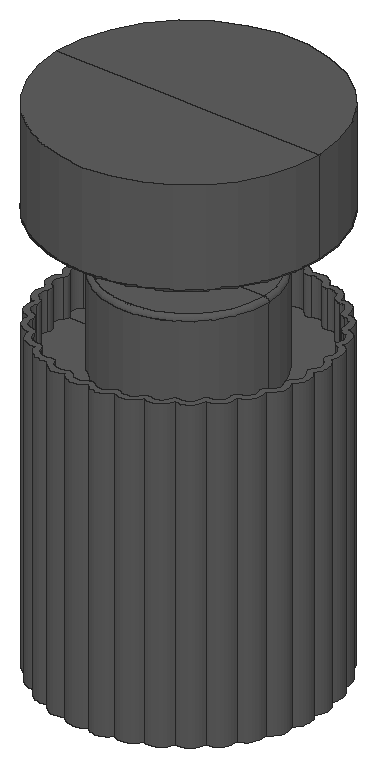
Revit family "CONV_Pholc_GnrlPrpseLmnrs_Donna18", category Lighting Fixtures, host Ceiling, Revit 2017
Family settings
  Host = Ceiling
  Round Connector Dimension = Use Diameter
  Part Type = Normal
  OmniClass Number = 23.80.70.11
  OmniClass Title = Luminaries for Internal Lighting
  Always vertical = Yes
  Cut with Voids When Loaded = No
  Light Source = Yes
  Shared = No
  Room Calculation Point = No
Parameters (values of type "Donna 18 black ink")
  Wattage = 2.80729 W
  WarrantyStartDate [instance] = "n/a"
  WarrantyGuarantorParts = "n/a"
  WarrantyGuarantorLabor = "n/a"
  WarrantyDurationUnit = "Year"
  WarrantyDurationParts = "n/a"
  WarrantyDurationLabor = "n/a"
  WarrantyDescription = "n/a"
  built-in parameter 1150110 = 1 (stored number, unit not read)
  VersionDate = "15/05/2019"  # constant formula
  Version = "1"  # constant formula
  UsageCurrent = 0 A
  Uniclass2015Reference = "Pr_70_70_48_86"
  Uniclass2015Description = "Suspended luminaires"
  Uniclass2 = "Pr_70_70_49_86"
  URL = "https://www.pholc.se/our-products/donna-18/"
  TotalWattage = 8.5 W
  built-in parameter 1114217 = 1 (stored number, unit not read)
  built-in parameter 1150109 = 1 (stored number, unit not read)
  built-in parameter 1150134 = (empty or 0)
  TagNumber [instance] = "n/a"
  SustainabilityPerformance = "n/a"
  built-in parameter 1150113 = 1 (stored number, unit not read)
  Size = "180x180x250 mm"
  Shape = "Sculptured"
  SerialNumber [instance] = "n/a"
  Revision = "n/a"
  ReplacementCost = "n/a"
  ProductInformation = "It functions well as a lamp or object to set the mood of a room, hanging in numbers in a large space or as a single piece over a table."
  ProductDatasheet = "https://www.pholc.se/files/pdf/donna-18.pdf"
  PhaseReference = "n/a"
  PhaseAngle = 0.00°
  NumberOfSources = 0
  NumberOfPoles = 1
  NominalWidth = 180 mm
  NominalVoltageCalc = 0 V
  NominalVoltage = 220 V
  NominalRadius = NominalWidth / 2  # 90 mm
  NominalHeight [instance] = CableControl + 245 mm  # 345 mm
  NominalFrequencyRange = 50 Hz
  NominalDiameter = NominalWidth  # 180 mm
  NominalDepth = 180 mm
  NominalCurrent = 0 A
  Name = "GnrlPrpseLmnrs_Donna18"
  NBSReference = "90-60-50/405"
  NBSDescription = "General purpose luminaires"
  ModelReference = ArticleNumber  # "961115"
  ModelNumber = "n/a"
  Model = "Donna 18 black ink"
  Material = "Aluminium & textile"
  ManufacturersSpecificInformation = "n/a"
  ManufacturerURL = "https://www.pholc.se/"
  ManufacturerName = "Pholc"
  Manufacturer = "Pholc"
  MaintenanceFactor = 0
  Lumens = 417 lm
  built-in parameter 1150115 = 1 (stored number, unit not read)
  built-in parameter 1150105 = 33.184 (stored number, unit not read)
  LightSource = "Philips LED 8,5W (75W) – non dimmable (item no: 8718696705537) // philips led 8,5W (45W) – dimmable (item no: 8718696652275)"
  LightFixturePlacingType = "Ceiling"
  LightFixtureMountingType = "Suspended"
  LightFixtureMainMaterial = Black ink
  Light Source Symbol Size = 609.6 mm
  built-in parameter 1150137 = (empty or 0)
  built-in parameter 1150139 = (empty or 0)
  built-in parameter 1150112 = 1 (stored number, unit not read)
  built-in parameter 1150114 = 1 (stored number, unit not read)
  InsulationStandardClass = "Class II"
  InstallationDate [instance] = "n/a"
  built-in parameter 1150132 = 2
  built-in parameter 1150102 = (empty or 0)
  built-in parameter 1150138 = (empty or 0)
  built-in parameter 1150107 = 2700 (stored number, unit not read)
  built-in parameter 1150106 = 0.33184 (stored number, unit not read)
  IfcExportType = "NOTDEFINED"  # constant formula
  IfcExportAs = "IfcLightFixtureType"  # constant formula
  IP_Code = "IP 20"
  HasProtectiveEarth = no
  Grade = "n/a"
  Finish = "n/a"
  Features = "Suspension mounting. Textile cable. Ceiling cup."
  ExpectedLife = "n/a"
  ElectricalDeviceNominalPower = 0
  built-in parameter 1150104 = 13.8 (stored number, unit not read)
  DurationUnit = "Year"
  Dimming Lamp Color Temperature Shift = <None>
  Designer = "Nina Jobs"
  Description = "The pendant lamp Donna gives a feeling of soft pleated textile although the material is of thin metal. We were inspired of material in fashion, chic ladies and the challenge to transform a hard material into a soft feeling! Versatile when it comes to usage and both beautiful at home and in public spaces."
  DefaultElevation = 0 mm
  ConvergoRefNr = "0103-1905-0006-SE"
  Constituents = "n/a"
  Color Filter = 16777215
  Color = "Black ink"
  Collection = "Donna"
  CodePerformance = "n/a"
  Category = "Pendant"
  CableLength [instance] = 100 mm
  CableControl [instance] = if(CableLength < 100 mm, 100 mm, if(CableLength > 3000 mm, 3000 mm, CableLength))  # 100 mm
  Brand = "Pholc"
  Barcode [instance] = "n/a"
  built-in parameter 1114218 = 1 (stored number, unit not read)
  BIMObjectName = "CONV_Pholc_GnrlPrpseLmnrs_Donna18"
  Author = "Convergo AB"  # constant formula
  built-in parameter 1150133 = 10 (stored number, unit not read)
  AssetType = "Fixed"
  AssetIdentifier [instance] = "n/a"
  ArticleNumber = "961115"
  AccessibilityPerformance = "n/a"
Types (4, lengths in mm): name | ModelReference | Model | LightFixtureMainMaterial | Color | ArticleNumber
  Donna 18 autumn leaves | "961118" | "Donna 18 autumn leaves" | Autumn leaves | "Autumn leaves" | "961118"
  Donna 18 black ink | "961115" | "Donna 18 black ink" | Black ink | "Black ink" | "961115"
  Donna 18 linen | "961113" | "Donna 18 linen" | Linen | "Linen" | "961113"
  Donna 18 blush | "961114" | "Donna 18 blush" | Blush | "Blush" | "961114"
Reference planes
  plane 1 "Light Source Axis (F/B)": y = 0
  plane 2: z = 0
  plane 3 "Light Source Axis (L/R)": x = 0
  plane 4 "Ceiling": z = 4000
  plane 5 "Light Source Elevation": z = 3767
  plane 6: z = 3900
  plane 7: z = 3655
  plane 8: x = -90
  plane 9: x = 90
  plane 10: y = -90
  plane 11: y = 90
  plane 12: z = 3935
Forms (mm)
  Revolve 1, solid, material "Black ink" <- "LightFixtureMainMaterial", detail levels medium+fine
    sketch origin (0, 0, 0) x (1, 0, 0) y (0, 0, 1)
      loop
        line (0, 4000) -> (0, 3935) -> (89, 3935)
        arc (89, 3935) -> (89.707, 3935.293) -> (90, 3936) r 1
        line (90, 3936) -> (90, 4000) -> (0, 4000)
      axis (0, 4000) -> (0, 3935)
    angle from 0 to 360
  Revolve 2, solid, material "Black ink" <- "LightFixtureMainMaterial", detail levels medium+fine
    sketch origin (0, 0, 0) x (1, 0, 0) y (0, 0, 1)
      loop
        line (0, 3900) -> (3, 3900) -> (3, 4000) -> (0, 4000) -> (0, 3900)
      axis (0, 4000) -> (0, 3900)
    angle from 0 to 360
  Extrusion 3, solid, material "Black ink" <- "LightFixtureMainMaterial", detail levels coarse
    sketch origin (0, 0, 4000) x (0, 1, 0) y (-1, 0, 0)
      loop
        line (90, 90) -> (-90, 90) -> (-90, -90) -> (90, -90) -> (90, 90)
    from 0 to -345
Cuts and joins
  joined: Revolve 1, Revolve 2
Lines and regions (mm)
  symbolic lines, detail levels medium+fine
    curve 1: line (3, 0, 3900) -> (3, 0, 3935)
    curve 2: line (-3, 0, 3900) -> (-3, 0, 3935)
    curve 3: line (90, 0, 4000) -> (-90, 0, 4000)
    curve 4: line (0, 90, 4000) -> (0, -90, 4000)
    curve 5: line (0, 3, 3935) -> (0, 3, 3900)
    curve 6: line (0, -3, 3935) -> (0, -3, 3900)
    curve 7: line (90, 0, 3936) -> (90, 0, 4000)
    curve 8: line (89, 0, 3935) -> (3, 0, 3935)
    curve 9: arc (90, 0, 3936) -> (89.707, 0, 3935.293) -> (89, 0, 3935) r 1
    curve 10: line (-90, 0, 3936) -> (-90, 0, 4000)
    curve 11: line (-89, 0, 3935) -> (-3, 0, 3935)
    curve 12: arc (-90, 0, 3936) -> (-89.707, 0, 3935.293) -> (-89, 0, 3935) r 1
    curve 14: line (0, 90, 4000) -> (0, 90, 3935)
    curve 15: line (0, -90, 4000) -> (0, -90, 3935)
    curve 16: line (0, 90, 3935) -> (0, 3, 3935)
    curve 17: line (0, -3, 3935) -> (0, -90, 3935)
  symbolic lines, detail levels fine
    curve 13: line (3, 0, 3935) -> (-3, 0, 3935)
    curve 18: line (0, 3, 3935) -> (0, -3, 3935)
Dimensions and locks
  equal spacing: host sketch curve, plane 3 "Light Source Axis (L/R)", host sketch curve
  equal spacing: host sketch curve, plane 1 "Light Source Axis (F/B)", host sketch curve
  host sketch curve to host sketch curve = 4000 mm  (x2)
  locked: plane 4 "Ceiling" to host ceiling at 0
  "NominalHeight": plane 7 to plane 4 "Ceiling"
  equal spacing: plane 8, plane 3 "Light Source Axis (L/R)", plane 9
  "NominalWidth": plane 8 to plane 9
  equal spacing: plane 10, plane 1 "Light Source Axis (F/B)", plane 11
  "NominalDepth": plane 10 to plane 11
  locked: plane 7 to plane 5 "Light Source Elevation" at 112
  "CableControl": plane 6 to plane 4 "Ceiling"
  locked: plane 12 to plane 4 "Ceiling" at 65
  aligned and locked: plane 3 "Light Source Axis (L/R)" to imposter light
  aligned and locked: plane 1 "Light Source Axis (F/B)" to imposter light
  aligned and locked: plane 5 "Light Source Elevation" to imposter light
  aligned and locked: plane 6 to curve 1
  aligned and locked: plane 6 to curve 2
  aligned and locked: plane 6 to curve 6
  aligned and locked: plane 6 to curve 5
  aligned and locked: Revolve 1 to plane 4 "Ceiling"
  aligned and locked: plane 6 to Revolve 2 sketch curve
  aligned and locked: Revolve 1 to Revolve 2 sketch curve
  aligned and locked: plane 7 to Extrusion 3
  aligned and locked: plane 12 to curve 8
  aligned and locked: curve 11 to plane 12
  aligned and locked: plane 12 to curve 13
  aligned and locked: plane 12 to curve 16
  aligned and locked: plane 12 to curve 17
  aligned and locked: plane 12 to Revolve 1 sketch curve
  aligned and locked: Revolve 1 sketch curve to plane 4 "Ceiling"
  aligned and locked: nested 1 to plane 7
Automatic sketch dimensions
  Extrusion 3 sketch curve to plane 8 = 0 mm
  Extrusion 3 sketch curve to plane 10 = 0 mm
  plane 11 to Extrusion 3 sketch curve = 0 mm
  Extrusion 3 sketch curve to plane 9 = 0 mm
  Revolve 1 sketch curve to plane 3 "Light Source Axis (L/R)" = 0 mm  (x2)
  Revolve 1 sketch curve to plane 9 = 0 mm
  Revolve 1 sketch curve to Revolve 1 sketch curve = 1 mm
  Revolve 1 sketch curve to Revolve 1 sketch curve = 5.181 mm
  Revolve 1 sketch curve to Revolve 1 sketch curve = 10 mm
  curve 12 to plane 8 = 0 mm
  plane 9 to curve 7 = 0 mm
  curve 3 to plane 4 "Ceiling" = 0 mm
  curve 12 to curve 12 = 1 mm
  curve 2 to plane 3 "Light Source Axis (L/R)" = 3 mm
  plane 3 "Light Source Axis (L/R)" to curve 8 = 3 mm
  curve 9 to curve 7 = 1 mm
  Revolve 2 sketch curve to plane 3 "Light Source Axis (L/R)" = 0 mm  (x2)
  Revolve 2 sketch curve to plane 6 = 0 mm
  plane 3 "Light Source Axis (L/R)" to Revolve 2 sketch curve = 3 mm
  Revolve 2 sketch curve to Revolve 2 sketch curve = 10 mm
  plane 4 "Ceiling" to curve 4 = 0 mm
  curve 4 to plane 10 = 0 mm
  curve 16 to plane 11 = 0 mm
  plane 1 "Light Source Axis (F/B)" to curve 6 = 3 mm
  curve 5 to plane 1 "Light Source Axis (F/B)" = 3 mm
  curve 18 to curve 17 = 0 mm
Nested families
  nested 1: "Donna 18" at (0, 0, 3655), Metal <- "LightFixtureMainMaterial", type "Donna 18"
    with Metal Black ink
Connectors
  electrical at (0, 0, 4000), driven by "NominalVoltage"
    settings: on cut or joined group of Revolve 1, Revolve 2, index 1, voltage 220 V, apparent load 0 VA, apparent load phase1 0 VA, apparent load phase2 0 VA, apparent load phase3 0 VA, power factor 1, load classification "Other", number of poles 1, system type 31, power factor state 1, is connector primary yes, connector utility no, sub classification motor no, connector description ""
Definition of nested family "Donna 18"
  Parameters (values of type "Donna 18")
    Metal [instance] = none
  Reference planes
    plane 1 "Center (Front/Back)": y = 0
    plane 2: z = 0
    plane 3 "Center (Left/Right)": x = 0
    plane 4: z = 245
    plane 5: z = 142
  Forms (mm)
    Extrusion 1, solid, material <- "Metal", detail levels medium+fine
      sketch origin (0, 0, 0) x (1, 0, 0) y (0, 1, 0)
        loop
          arc (0, 86) -> (-8.774, 89.088) -> (-16.778, 84.348) r 11
          arc (-16.778, 84.348) -> (-25.986, 85.664) -> (-32.911, 79.454) r 11
          arc (-32.911, 79.454) -> (-42.199, 78.949) -> (-47.779, 71.506) r 11
          arc (-47.779, 71.506) -> (-56.79, 69.199) -> (-60.811, 60.811) r 11
          arc (-60.811, 60.811) -> (-69.199, 56.79) -> (-71.506, 47.779) r 11
          arc (-71.506, 47.779) -> (-78.949, 42.199) -> (-79.454, 32.911) r 11
          arc (-79.454, 32.911) -> (-85.664, 25.986) -> (-84.348, 16.778) r 11
          arc (-84.348, 16.778) -> (-89.088, 8.774) -> (-86, 0) r 11
          arc (-86, 0) -> (-89.088, -8.774) -> (-84.348, -16.778) r 11
          arc (-84.348, -16.778) -> (-85.664, -25.986) -> (-79.454, -32.911) r 11
          arc (-79.454, -32.911) -> (-78.949, -42.199) -> (-71.506, -47.779) r 11
          arc (-71.506, -47.779) -> (-69.199, -56.79) -> (-60.811, -60.811) r 11
          arc (-60.811, -60.811) -> (-56.79, -69.199) -> (-47.779, -71.506) r 11
          arc (-47.779, -71.506) -> (-42.199, -78.949) -> (-32.911, -79.454) r 11
          arc (-32.911, -79.454) -> (-25.986, -85.664) -> (-16.778, -84.348) r 11
          arc (-16.778, -84.348) -> (-8.774, -89.088) -> (0, -86) r 11
          arc (0, -86) -> (8.774, -89.088) -> (16.778, -84.348) r 11
          arc (16.778, -84.348) -> (25.986, -85.664) -> (32.911, -79.454) r 11
          arc (32.911, -79.454) -> (42.199, -78.949) -> (47.779, -71.506) r 11
          arc (47.779, -71.506) -> (56.79, -69.199) -> (60.811, -60.811) r 11
          arc (60.811, -60.811) -> (69.199, -56.79) -> (71.506, -47.779) r 11
          arc (71.506, -47.779) -> (78.949, -42.199) -> (79.454, -32.911) r 11
          arc (79.454, -32.911) -> (85.664, -25.986) -> (84.348, -16.778) r 11
          arc (84.348, -16.778) -> (89.088, -8.774) -> (86, 0) r 11
          arc (86, 0) -> (89.088, 8.774) -> (84.348, 16.778) r 11
          arc (84.348, 16.778) -> (85.664, 25.986) -> (79.454, 32.911) r 11
          arc (79.454, 32.911) -> (78.949, 42.199) -> (71.506, 47.779) r 11
          arc (71.506, 47.779) -> (69.199, 56.79) -> (60.811, 60.811) r 11
          arc (60.811, 60.811) -> (56.79, 69.199) -> (47.779, 71.506) r 11
          arc (47.779, 71.506) -> (42.199, 78.949) -> (32.911, 79.454) r 11
          arc (32.911, 79.454) -> (25.986, 85.664) -> (16.778, 84.348) r 11
          arc (16.778, 84.348) -> (8.774, 89.088) -> (0, 86) r 11
        loop
          arc (2.799, 83.142) -> (0, 82) -> (-2.799, 83.142) r 4
          arc (-2.799, 83.142) -> (-8.382, 85.107) -> (-13.475, 82.091) r 7
          arc (-13.475, 82.091) -> (-15.997, 80.424) -> (-18.965, 80.999) r 4
          arc (-18.965, 80.999) -> (-24.825, 81.836) -> (-29.232, 77.884) r 7
          arc (-29.232, 77.884) -> (-31.38, 75.758) -> (-34.403, 75.742) r 4
          arc (-34.403, 75.742) -> (-40.313, 75.421) -> (-43.864, 70.685) r 7
          arc (-43.864, 70.685) -> (-45.557, 68.181) -> (-48.518, 67.575) r 4
          arc (-48.518, 67.575) -> (-54.253, 66.107) -> (-56.811, 60.769) r 7
          arc (-56.811, 60.769) -> (-57.983, 57.983) -> (-60.769, 56.811) r 4
          arc (-60.769, 56.811) -> (-66.107, 54.253) -> (-67.575, 48.518) r 7
          arc (-67.575, 48.518) -> (-68.181, 45.557) -> (-70.685, 43.864) r 4
          arc (-70.685, 43.864) -> (-75.421, 40.313) -> (-75.742, 34.403) r 7
          arc (-75.742, 34.403) -> (-75.758, 31.38) -> (-77.884, 29.232) r 4
          arc (-77.884, 29.232) -> (-81.836, 24.825) -> (-80.999, 18.965) r 7
          arc (-80.999, 18.965) -> (-80.424, 15.997) -> (-82.091, 13.475) r 4
          arc (-82.091, 13.475) -> (-85.107, 8.382) -> (-83.142, 2.799) r 7
          arc (-83.142, 2.799) -> (-82, 0) -> (-83.142, -2.799) r 4
          arc (-83.142, -2.799) -> (-85.107, -8.382) -> (-82.091, -13.475) r 7
          arc (-82.091, -13.475) -> (-80.424, -15.997) -> (-80.999, -18.965) r 4
          arc (-80.999, -18.965) -> (-81.836, -24.825) -> (-77.884, -29.232) r 7
          arc (-77.884, -29.232) -> (-75.758, -31.38) -> (-75.742, -34.403) r 4
          arc (-75.742, -34.403) -> (-75.421, -40.313) -> (-70.685, -43.864) r 7
          arc (-70.685, -43.864) -> (-68.181, -45.557) -> (-67.575, -48.518) r 4
          arc (-67.575, -48.518) -> (-66.107, -54.253) -> (-60.769, -56.811) r 7
          arc (-60.769, -56.811) -> (-57.983, -57.983) -> (-56.811, -60.769) r 4
          arc (-56.811, -60.769) -> (-54.253, -66.107) -> (-48.518, -67.575) r 7
          arc (-48.518, -67.575) -> (-45.557, -68.181) -> (-43.864, -70.685) r 4
          arc (-43.864, -70.685) -> (-40.313, -75.421) -> (-34.403, -75.742) r 7
          arc (-34.403, -75.742) -> (-31.38, -75.758) -> (-29.232, -77.884) r 4
          arc (-29.232, -77.884) -> (-24.825, -81.836) -> (-18.965, -80.999) r 7
          arc (-18.965, -80.999) -> (-15.997, -80.424) -> (-13.475, -82.091) r 4
          arc (-13.475, -82.091) -> (-8.382, -85.107) -> (-2.799, -83.142) r 7
          arc (-2.799, -83.142) -> (0, -82) -> (2.799, -83.142) r 4
          arc (2.799, -83.142) -> (8.382, -85.107) -> (13.475, -82.091) r 7
          arc (13.475, -82.091) -> (15.997, -80.424) -> (18.965, -80.999) r 4
          arc (18.965, -80.999) -> (24.825, -81.836) -> (29.232, -77.884) r 7
          arc (29.232, -77.884) -> (31.38, -75.758) -> (34.403, -75.742) r 4
          arc (34.403, -75.742) -> (40.313, -75.421) -> (43.864, -70.685) r 7
          arc (43.864, -70.685) -> (45.557, -68.181) -> (48.518, -67.575) r 4
          arc (48.518, -67.575) -> (54.253, -66.107) -> (56.811, -60.769) r 7
          arc (56.811, -60.769) -> (57.983, -57.983) -> (60.769, -56.811) r 4
          arc (60.769, -56.811) -> (66.107, -54.253) -> (67.575, -48.518) r 7
          arc (67.575, -48.518) -> (68.181, -45.557) -> (70.685, -43.864) r 4
          arc (70.685, -43.864) -> (75.421, -40.313) -> (75.742, -34.403) r 7
          arc (75.742, -34.403) -> (75.758, -31.38) -> (77.884, -29.232) r 4
          arc (77.884, -29.232) -> (81.836, -24.825) -> (80.999, -18.965) r 7
          arc (80.999, -18.965) -> (80.424, -15.997) -> (82.091, -13.475) r 4
          arc (82.091, -13.475) -> (85.107, -8.382) -> (83.142, -2.799) r 7
          arc (83.142, -2.799) -> (82, 0) -> (83.142, 2.799) r 4
          arc (83.142, 2.799) -> (85.107, 8.382) -> (82.091, 13.475) r 7
          arc (82.091, 13.475) -> (80.424, 15.997) -> (80.999, 18.965) r 4
          arc (80.999, 18.965) -> (81.836, 24.825) -> (77.884, 29.232) r 7
          arc (77.884, 29.232) -> (75.758, 31.38) -> (75.742, 34.403) r 4
          arc (75.742, 34.403) -> (75.421, 40.313) -> (70.685, 43.864) r 7
          arc (70.685, 43.864) -> (68.181, 45.557) -> (67.575, 48.518) r 4
          arc (67.575, 48.518) -> (66.107, 54.253) -> (60.769, 56.811) r 7
          arc (60.769, 56.811) -> (57.983, 57.983) -> (56.811, 60.769) r 4
          arc (56.811, 60.769) -> (54.253, 66.107) -> (48.518, 67.575) r 7
          arc (48.518, 67.575) -> (45.557, 68.181) -> (43.864, 70.685) r 4
          arc (43.864, 70.685) -> (40.313, 75.421) -> (34.403, 75.742) r 7
          arc (34.403, 75.742) -> (31.38, 75.758) -> (29.232, 77.884) r 4
          arc (29.232, 77.884) -> (24.825, 81.836) -> (18.965, 80.999) r 7
          arc (18.965, 80.999) -> (15.997, 80.424) -> (13.475, 82.091) r 4
          arc (13.475, 82.091) -> (8.382, 85.107) -> (2.799, 83.142) r 7
      from 0 to 210
    Revolve 2, solid, material <- "Metal", detail levels medium+fine
      sketch origin (0, 0, 0) x (1, 0, 0) y (0, 0, 1)
        loop
          line (0, 245) -> (-52, 245)
          arc (-52, 245) -> (-54.121, 244.121) -> (-55, 242) r 3
          line (-55, 242) -> (-55, 185) -> (-85.8, 185) -> (-85.8, 184) -> (-3, 184) -> (-3, 100) -> (0, 100) -> (0, 245)
        axis (0, 100) -> (0, 245)
      angle from 0 to 360
  Lines and regions (mm)
    symbolic lines, detail levels medium+fine
      curve 1: line (0, 0, 0) -> (-90, 0, 0)
      curve 2: line (-90, 0, 0) -> (-90, 0, 210)
      curve 3: line (-90, 0, 210) -> (-55, 0, 210)
      curve 4: line (-55, 0, 210) -> (-55, 0, 242)
      curve 5: line (-3, 0, 245) -> (-52, 0, 245)
      curve 6: arc (-55, 0, 242) -> (-54.121, 0, 244.121) -> (-52, 0, 245) r 3
      curve 7: line (0, 0, 0) -> (90, 0, 0)
      curve 8: line (90, 0, 0) -> (90, 0, 210)
      curve 9: line (90, 0, 210) -> (55, 0, 210)
      curve 10: line (55, 0, 210) -> (55, 0, 242)
      curve 11: line (3, 0, 245) -> (52, 0, 245)
      curve 12: arc (55, 0, 242) -> (54.121, 0, 244.121) -> (52, 0, 245) r 3
      curve 14: line (0, 0, 0) -> (0, 90, 0)
      curve 15: line (0, 90, 0) -> (0, 90, 210)
      curve 16: line (0, 90, 210) -> (0, 55, 210)
      curve 17: line (0, 55, 210) -> (0, 55, 242)
      curve 18: line (0, 52, 245) -> (0, 3, 245)
      curve 19: arc (0, 55, 242) -> (0, 54.121, 244.121) -> (0, 52, 245) r 3
      curve 20: line (0, 0, 0) -> (0, -90, 0)
      curve 21: line (0, -90, 0) -> (0, -90, 210)
      curve 22: line (0, -90, 210) -> (0, -55, 210)
      curve 23: line (0, -55, 210) -> (0, -55, 242)
      curve 24: line (0, -52, 245) -> (0, -3, 245)
      curve 25: arc (0, -55, 242) -> (0, -54.121, 244.121) -> (0, -52, 245) r 3
      curve 125: circle (0, 0, 0) r 90 normal (0, 0, 1)
    symbolic lines, detail levels fine
      curve 13: line (-3, 0, 245) -> (3, 0, 245)
      curve 26: line (0, 3, 245) -> (0, -3, 245)
      curve 27: line (0, 55, 210) -> (0, -55, 210)
      curve 28: line (-55, 0, 210) -> (55, 0, 210)
      curve 29: arc (-60.811, 60.811, 0) -> (-69.199, 56.79, 0) -> (-71.506, 47.779, 0) r 11
      curve 30: arc (-71.506, 47.779, 0) -> (-78.949, 42.199, 0) -> (-79.454, 32.911, 0) r 11
      curve 31: arc (-79.454, 32.911, 0) -> (-85.664, 25.986, 0) -> (-84.348, 16.778, 0) r 11
      curve 32: arc (-84.348, 16.778, 0) -> (-89.088, 8.774, 0) -> (-86, 0, 0) r 11
      curve 33: arc (-86, 0, 0) -> (-89.088, -8.774, 0) -> (-84.348, -16.778, 0) r 11
      curve 34: arc (-84.348, -16.778, 0) -> (-85.664, -25.986, 0) -> (-79.454, -32.911, 0) r 11
      curve 35: arc (-79.454, -32.911, 0) -> (-78.949, -42.199, 0) -> (-71.506, -47.779, 0) r 11
      curve 36: arc (-71.506, -47.779, 0) -> (-69.199, -56.79, 0) -> (-60.811, -60.811, 0) r 11
      curve 37: arc (-60.811, -60.811, 0) -> (-56.79, -69.199, 0) -> (-47.779, -71.506, 0) r 11
      curve 38: arc (-47.779, -71.506, 0) -> (-42.199, -78.949, 0) -> (-32.911, -79.454, 0) r 11
      curve 39: arc (-32.911, -79.454, 0) -> (-25.986, -85.664, 0) -> (-16.778, -84.348, 0) r 11
      curve 40: arc (-16.778, -84.348, 0) -> (-8.774, -89.088, 0) -> (0, -86, 0) r 11
      curve 41: arc (0, -86, 0) -> (8.774, -89.088, 0) -> (16.778, -84.348, 0) r 11
      curve 42: arc (16.778, -84.348, 0) -> (25.986, -85.664, 0) -> (32.911, -79.454, 0) r 11
      curve 43: arc (32.911, -79.454, 0) -> (42.199, -78.949, 0) -> (47.779, -71.506, 0) r 11
      curve 44: arc (47.779, -71.506, 0) -> (56.79, -69.199, 0) -> (60.811, -60.811, 0) r 11
      curve 45: arc (60.811, -60.811, 0) -> (69.199, -56.79, 0) -> (71.506, -47.779, 0) r 11
      curve 46: arc (71.506, -47.779, 0) -> (78.949, -42.199, 0) -> (79.454, -32.911, 0) r 11
      curve 47: arc (79.454, -32.911, 0) -> (85.664, -25.986, 0) -> (84.348, -16.778, 0) r 11
      curve 48: arc (84.348, -16.778, 0) -> (89.088, -8.774, 0) -> (86, 0, 0) r 11
      curve 49: arc (86, 0, 0) -> (89.088, 8.774, 0) -> (84.348, 16.778, 0) r 11
      curve 50: arc (84.348, 16.778, 0) -> (85.664, 25.986, 0) -> (79.454, 32.911, 0) r 11
      curve 51: arc (79.454, 32.911, 0) -> (78.949, 42.199, 0) -> (71.506, 47.779, 0) r 11
      curve 52: arc (71.506, 47.779, 0) -> (69.199, 56.79, 0) -> (60.811, 60.811, 0) r 11
      curve 53: arc (60.811, 60.811, 0) -> (56.79, 69.199, 0) -> (47.779, 71.506, 0) r 11
      curve 54: arc (47.779, 71.506, 0) -> (42.199, 78.949, 0) -> (32.911, 79.454, 0) r 11
      curve 55: arc (32.911, 79.454, 0) -> (25.986, 85.664, 0) -> (16.778, 84.348, 0) r 11
      curve 56: arc (16.778, 84.348, 0) -> (8.774, 89.088, 0) -> (0, 86, 0) r 11
      curve 57: arc (0, 86, 0) -> (-8.774, 89.088, 0) -> (-16.778, 84.348, 0) r 11
      curve 58: arc (-16.778, 84.348, 0) -> (-25.986, 85.664, 0) -> (-32.911, 79.454, 0) r 11
      curve 59: arc (-32.911, 79.454, 0) -> (-42.199, 78.949, 0) -> (-47.779, 71.506, 0) r 11
      curve 60: arc (-47.779, 71.506, 0) -> (-56.79, 69.199, 0) -> (-60.811, 60.811, 0) r 11
      curve 61: arc (-60.769, 56.811, 0) -> (-57.983, 57.983, 0) -> (-56.811, 60.769, 0) r 4
      curve 62: arc (-56.811, 60.769, 0) -> (-54.253, 66.107, 0) -> (-48.518, 67.575, 0) r 7
      curve 63: arc (-48.518, 67.575, 0) -> (-45.557, 68.181, 0) -> (-43.864, 70.685, 0) r 4
      curve 64: arc (-43.864, 70.685, 0) -> (-40.313, 75.421, 0) -> (-34.403, 75.742, 0) r 7
      curve 65: arc (-34.403, 75.742, 0) -> (-31.38, 75.758, 0) -> (-29.232, 77.884, 0) r 4
      curve 66: arc (-29.232, 77.884, 0) -> (-24.825, 81.836, 0) -> (-18.965, 80.999, 0) r 7
      curve 67: arc (-18.965, 80.999, 0) -> (-15.997, 80.424, 0) -> (-13.475, 82.091, 0) r 4
      curve 68: arc (-13.475, 82.091, 0) -> (-8.382, 85.107, 0) -> (-2.799, 83.142, 0) r 7
      curve 69: arc (-2.799, 83.142, 0) -> (0, 82, 0) -> (2.799, 83.142, 0) r 4
      curve 70: arc (2.799, 83.142, 0) -> (8.382, 85.107, 0) -> (13.475, 82.091, 0) r 7
      curve 71: arc (13.475, 82.091, 0) -> (15.997, 80.424, 0) -> (18.965, 80.999, 0) r 4
      curve 72: arc (18.965, 80.999, 0) -> (24.825, 81.836, 0) -> (29.232, 77.884, 0) r 7
      curve 73: arc (29.232, 77.884, 0) -> (31.38, 75.758, 0) -> (34.403, 75.742, 0) r 4
      curve 74: arc (34.403, 75.742, 0) -> (40.313, 75.421, 0) -> (43.864, 70.685, 0) r 7
      curve 75: arc (43.864, 70.685, 0) -> (45.557, 68.181, 0) -> (48.518, 67.575, 0) r 4
      curve 76: arc (48.518, 67.575, 0) -> (54.253, 66.107, 0) -> (56.811, 60.769, 0) r 7
      curve 77: arc (56.811, 60.769, 0) -> (57.983, 57.983, 0) -> (60.769, 56.811, 0) r 4
      curve 78: arc (60.769, 56.811, 0) -> (66.107, 54.253, 0) -> (67.575, 48.518, 0) r 7
      curve 79: arc (67.575, 48.518, 0) -> (68.181, 45.557, 0) -> (70.685, 43.864, 0) r 4
      curve 80: arc (70.685, 43.864, 0) -> (75.421, 40.313, 0) -> (75.742, 34.403, 0) r 7
      curve 81: arc (75.742, 34.403, 0) -> (75.758, 31.38, 0) -> (77.884, 29.232, 0) r 4
      curve 82: arc (77.884, 29.232, 0) -> (81.836, 24.825, 0) -> (80.999, 18.965, 0) r 7
      curve 83: arc (80.999, 18.965, 0) -> (80.424, 15.997, 0) -> (82.091, 13.475, 0) r 4
      curve 84: arc (82.091, 13.475, 0) -> (85.107, 8.382, 0) -> (83.142, 2.799, 0) r 7
      curve 85: arc (83.142, 2.799, 0) -> (82, 0, 0) -> (83.142, -2.799, 0) r 4
      curve 86: arc (83.142, -2.799, 0) -> (85.107, -8.382, 0) -> (82.091, -13.475, 0) r 7
      curve 87: arc (82.091, -13.475, 0) -> (80.424, -15.997, 0) -> (80.999, -18.965, 0) r 4
      curve 88: arc (80.999, -18.965, 0) -> (81.836, -24.825, 0) -> (77.884, -29.232, 0) r 7
      curve 89: arc (77.884, -29.232, 0) -> (75.758, -31.38, 0) -> (75.742, -34.403, 0) r 4
      curve 90: arc (75.742, -34.403, 0) -> (75.421, -40.313, 0) -> (70.685, -43.864, 0) r 7
      curve 91: arc (70.685, -43.864, 0) -> (68.181, -45.557, 0) -> (67.575, -48.518, 0) r 4
      curve 92: arc (67.575, -48.518, 0) -> (66.107, -54.253, 0) -> (60.769, -56.811, 0) r 7
      curve 93: arc (60.769, -56.811, 0) -> (57.983, -57.983, 0) -> (56.811, -60.769, 0) r 4
      curve 94: arc (56.811, -60.769, 0) -> (54.253, -66.107, 0) -> (48.518, -67.575, 0) r 7
      curve 95: arc (48.518, -67.575, 0) -> (45.557, -68.181, 0) -> (43.864, -70.685, 0) r 4
      curve 96: arc (43.864, -70.685, 0) -> (40.313, -75.421, 0) -> (34.403, -75.742, 0) r 7
      curve 97: arc (34.403, -75.742, 0) -> (31.38, -75.758, 0) -> (29.232, -77.884, 0) r 4
      curve 98: arc (29.232, -77.884, 0) -> (24.825, -81.836, 0) -> (18.965, -80.999, 0) r 7
      curve 99: arc (18.965, -80.999, 0) -> (15.997, -80.424, 0) -> (13.475, -82.091, 0) r 4
      curve 100: arc (13.475, -82.091, 0) -> (8.382, -85.107, 0) -> (2.799, -83.142, 0) r 7
      curve 101: arc (2.799, -83.142, 0) -> (0, -82, 0) -> (-2.799, -83.142, 0) r 4
      curve 102: arc (-2.799, -83.142, 0) -> (-8.382, -85.107, 0) -> (-13.475, -82.091, 0) r 7
      curve 103: arc (-13.475, -82.091, 0) -> (-15.997, -80.424, 0) -> (-18.965, -80.999, 0) r 4
      curve 104: arc (-18.965, -80.999, 0) -> (-24.825, -81.836, 0) -> (-29.232, -77.884, 0) r 7
      curve 105: arc (-29.232, -77.884, 0) -> (-31.38, -75.758, 0) -> (-34.403, -75.742, 0) r 4
      curve 106: arc (-34.403, -75.742, 0) -> (-40.313, -75.421, 0) -> (-43.864, -70.685, 0) r 7
      curve 107: arc (-43.864, -70.685, 0) -> (-45.557, -68.181, 0) -> (-48.518, -67.575, 0) r 4
      curve 108: arc (-48.518, -67.575, 0) -> (-54.253, -66.107, 0) -> (-56.811, -60.769, 0) r 7
      curve 109: arc (-56.811, -60.769, 0) -> (-57.983, -57.983, 0) -> (-60.769, -56.811, 0) r 4
      curve 110: arc (-60.769, -56.811, 0) -> (-66.107, -54.253, 0) -> (-67.575, -48.518, 0) r 7
      curve 111: arc (-67.575, -48.518, 0) -> (-68.181, -45.557, 0) -> (-70.685, -43.864, 0) r 4
      curve 112: arc (-70.685, -43.864, 0) -> (-75.421, -40.313, 0) -> (-75.742, -34.403, 0) r 7
      curve 113: arc (-75.742, -34.403, 0) -> (-75.758, -31.38, 0) -> (-77.884, -29.232, 0) r 4
      curve 114: arc (-77.884, -29.232, 0) -> (-81.836, -24.825, 0) -> (-80.999, -18.965, 0) r 7
      curve 115: arc (-80.999, -18.965, 0) -> (-80.424, -15.997, 0) -> (-82.091, -13.475, 0) r 4
      curve 116: arc (-82.091, -13.475, 0) -> (-85.107, -8.382, 0) -> (-83.142, -2.799, 0) r 7
      curve 117: arc (-83.142, -2.799, 0) -> (-82, 0, 0) -> (-83.142, 2.799, 0) r 4
      curve 118: arc (-83.142, 2.799, 0) -> (-85.107, 8.382, 0) -> (-82.091, 13.475, 0) r 7
      curve 119: arc (-82.091, 13.475, 0) -> (-80.424, 15.997, 0) -> (-80.999, 18.965, 0) r 4
      curve 120: arc (-80.999, 18.965, 0) -> (-81.836, 24.825, 0) -> (-77.884, 29.232, 0) r 7
      curve 121: arc (-77.884, 29.232, 0) -> (-75.758, 31.38, 0) -> (-75.742, 34.403, 0) r 4
      curve 122: arc (-75.742, 34.403, 0) -> (-75.421, 40.313, 0) -> (-70.685, 43.864, 0) r 7
      curve 123: arc (-70.685, 43.864, 0) -> (-68.181, 45.557, 0) -> (-67.575, 48.518, 0) r 4
      curve 124: arc (-67.575, 48.518, 0) -> (-66.107, 54.253, 0) -> (-60.769, 56.811, 0) r 7
  Dimensions and locks
    aligned and locked: level to plane 2
